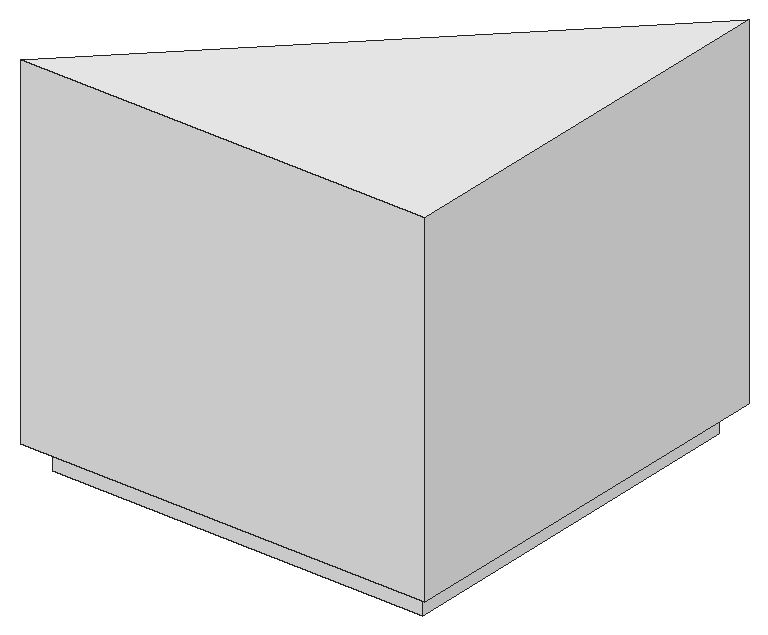
Revit family
Parameters
  URL = "http://www.martinbrattrud.com"
  SCS Certified Product = "Yes"
  Model = "Cor-Bitz 741-20T"
  Manufacturer = "Martin Brattrud, Inc."
  Foot [instance] = none
  Keynote = "125000"
  Copyright = "© 2013 Martin Brattrud, Inc."
  Table [instance] = none
  Authoring Version = "Revit Architecture 2010"
  Assembly Code = "E2020200"
Reference planes (in)
  plane 1 "Center Front/Back": y = 0
  plane 2: z = 0
  plane 3 "Center Left/Right": x = 0
Forms (in)
  Extrusion 1, solid, material <- "Table"
    sketch origin (0, 0, 0) x (0, 1, 0) y (-1, 0, 0)
      loop
        line (-10, -10) -> (10, -10) -> (-10, 10) -> (-10, -10)
    from 1.25 to 18.25
  Extrusion 2, solid, material <- "Foot"
    sketch origin (0, 0, 0) x (0, 1, 0) y (-1, 0, 0)
      loop
        line (-9.5, -9.5) -> (8.80993, -9.5) -> (-9.5, 8.80993) -> (-9.5, -9.5)
    from 0.25 to 1.25
  Revolve 3, solid, material <- "Foot"
    sketch origin (8.17487, -8.125, 0) x (0, -1, 0) y (0, 0, 1)
      loop
        line (-0.2498, 0) -> (0, 0) -> (0, 0.25) -> (-0.375, 0.25) -> (-0.375, 0.1252)
        arc (-0.375, 0.1252) -> (-0.33833, 0.03667) -> (-0.2498, 0) r 0.1252
      axis (0, 0.25) -> (0, 0)
    angle from 0 to 360
  Revolve 4, solid, material <- "Foot"
    sketch origin (-5.125, -8.125, 0) x (0, -1, 0) y (0, 0, 1)
      loop
        line (-0.2498, 0) -> (0, 0) -> (0, 0.25) -> (-0.375, 0.25) -> (-0.375, 0.1252)
        arc (-0.375, 0.1252) -> (-0.33833, 0.03667) -> (-0.2498, 0) r 0.1252
      axis (0, 0.25) -> (0, 0)
    angle from 0 to 360
  Revolve 5, solid, material <- "Foot"
    sketch origin (8.125, 5.125, 0) x (1, 0, 0) y (0, 0, -1)
      loop
        arc (-0.2498, 0) -> (-0.33833, -0.03667) -> (-0.375, -0.1252) r 0.1252
        line (-0.375, -0.1252) -> (-0.375, -0.25) -> (0, -0.25) -> (0, 0) -> (-0.2498, 0)
      axis (0, -0.25) -> (0, 0)
    angle from 0 to 360
